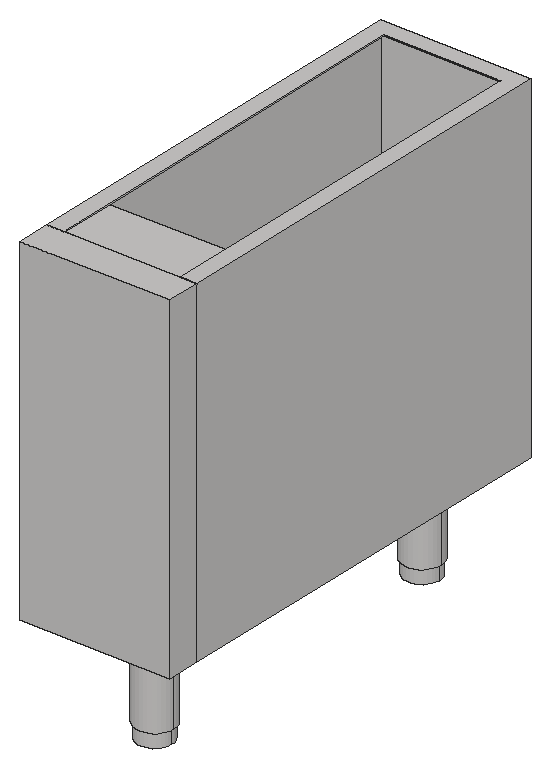
Revit family "QF_ELECTROLUXPROFESSIONAL_371210_E7BANB00C0", category Specialty Equipment, Revit 2018
Family settings
  Round Connector Dimension = Use Diameter
  Part Type = Normal
  Work Plane-Based = No
  Always vertical = Yes
  Cut with Voids When Loaded = No
  Shared = No
  Room Calculation Point = No
Parameters
  Weight in Pounds = 15  # constant formula
  Weight = 7.00 kg
  Watts = 0 W
  Volts = 0 V
  URL Manufacturer = ""
  URL Cutsheet = "www.electrolux.com"
  URL = "www.electrolux.com"
  Type Mark [instance] = ""
  Steam Supply Size = 0"
  Steam Supply Minimum Pressure = 0.00 psi
  Steam Supply Maximum Pressure = 0.00 psi
  Steam Pounds per Hour = 0
  Status [instance] = ""
  Specification by User [instance] = ""
  Specification by Manufacturer = ""
  Serial Number = ""
  Seismic Rating = ""
  SMACNA No = ""
  Revision Code [instance] = ""
  Refrigeration Suction Line Size = 0"
  Refrigeration Liquid Line Size = 0"
  Refrigerant Compressor Remote = yes
  Phase = 0
  Omniclass Number and Title = ""
  NAFEM Spec ID Number = ""
  Model = "371210"
  Masterspec = ""
  Manufacturer = "ELECTROLUX"
  Length Actual = 200.00 mm  # constant formula
  Item Number [instance] = ""
  Installed By [instance] = ""
  Identify Quantity as Lot [instance] = yes
  Hot Water Size = 0"
  Height Actual = 600.00 mm  # constant formula
  HP = ""
  Gas Size = 0"
  Gas KW = 0
  Gas Input Pressure = 0.0 Btu/h
  Furnished By [instance] = ""
  Foodservice Equipment Identifier [instance] = yes
  Direct Waste Size = 0"
  Description = "700XP Closed Base Cupboard  1_4 Module"
  Depth Actual = 550.00 mm  # constant formula
  Cycle = 0 Hz
  Condensate Return Size = 0"
  Compressed Air Volume = 0 GPM
  Compressed Air Size = 0"
  Compressed Air Pressure = 0.00 psi
  Cold Water Size = 0"
  CSI MasterFormat = ""
  CSI Master Format = ""
  Accessory = yes
Types (2, lengths in mm): name | URL Manufacturer | URL | Model | Manufacturer | Item Number | HP | Description
  (no name) | "" | "www.electrolux.com" | "371210" | "ELECTROLUX" | "" | "" | "700XP Closed Base Cupboard  1_4 Module"
  Standard | "http://professional.electrolux.com" | "http://professional.electrolux.com" | "E7BANB00C0" | "Electrolux Professional" | "371210" | "0 HP" | "CLOSED BASE 200 MM"
Reference planes
  plane 1 "BACK": y = 0
  plane 2: z = 0
  plane 3 "LEFT": x = 0
  plane 4 "RIGHT": x = 199
  plane 5 "FRONT": y = -599
  plane 6 "TOP": z = 599
  plane 7 "Center Y": x = 99.5
  plane 8 "Center X": y = -299.5
  plane 9 "Base Height": z = 149
  plane 10: y = -56
Forms (mm)
  Extrusion 1, solid, material "QF_Finishes_Stainless Steel"
    sketch origin (0, 0, 149) x (-1, 0, 0) y (0, -1, 0)
      loop
        line (0, 0) -> (0, 554) -> (-22, 554) -> (-22, 22) -> (-177, 22) -> (-177, 554) -> (-199, 554) -> (-199, 0) -> (0, 0)
    from 448.412 to 450
  Extrusion 2, solid, material "QF_Finishes_Stainless Steel"
    sketch origin (0, -599, 0) x (1, 0, 0) y (0, 0, 1)
      loop
        line (0, 597.413) -> (0, 149) -> (22, 149) -> (22, 597.413) -> (0, 597.413)
      loop
        line (199, 149) -> (199, 597.413) -> (177, 597.413) -> (177, 149) -> (199, 149)
    from -45 to -46.587
  Extrusion 3, solid, material "QF_Finishes_Stainless Steel"
    sketch origin (0, 0, 0) x (0, 1, 0) y (0, 0, 1)
      loop
        line (-554, 597.413) -> (-554, 149) -> (0, 149) -> (0, 597.413) -> (-554, 597.413)
    from 0 to 1.59
  Extrusion 4, solid, material "QF_Finishes_Stainless Steel"
    sketch origin (199, 0, 0) x (0, 1, 0) y (0, 0, 1)
      loop
        line (-554, 597.413) -> (-554, 149) -> (0, 149) -> (0, 597.413) -> (-554, 597.413)
    from 0 to -1.59
  Extrusion 5, solid, material "QF_Finishes_Stainless Steel"
    sketch origin (0, 0, 0) x (1, 0, 0) y (0, 0, 1)
      loop
        line (0, 597.413) -> (0, 149) -> (199, 149) -> (199, 597.413) -> (0, 597.413)
    from 0 to 1.59
  Extrusion 6, solid, material "QF_Finishes_Stainless Steel"
    sketch origin (0, 0, 149) x (-1, 0, 0) y (0, -1, 0)
      loop
        line (-1.59, 1.59) -> (-1.59, 552.413) -> (-197.41, 552.413) -> (-197.41, 1.59) -> (-1.59, 1.59)
      loop
        circle (-152.751, 426.185) r 12.7
    from 0 to 45
  Extrusion 7, solid, material "QF_Finishes_Stainless Steel"
    sketch origin (0, 0, 0) x (0, 1, 0) y (0, 0, 1)
      loop
        line (-552.413, 597.413) -> (-552.413, 554.237) -> (-550.823, 554.237) -> (-550.823, 595.823) -> (-477.412, 595.823) -> (-477.412, 597.413) -> (-552.413, 597.413)
    from 1.59 to 198.41
  Extrusion 8, solid, material "QF_Finishes_Stainless Steel"
    sketch origin (0, 0, 149) x (-1, 0, 0) y (0, -1, 0)
      loop
        circle (-152.751, 426.185) r 12.7
    from -1.075 to 43.642
  Extrusion 9, solid, material "QF_Finishes_Black"
    sketch origin (0, -552.413, 554.237) x (0, 0, 1) y (-1, 0, 0)
      loop
        circle (20.291, -59.72) r 1.5
      loop
        circle (20.291, -140.28) r 1.5
    from 0 to 1.59
  Revolve 10, solid, material "QF_Finishes_Stainless Steel"
    sketch origin (44.5, -499, 0) x (1, 0, 0) y (0, 0, 1)
      loop
        line (54.5, 0) -> (54.5, 149) -> (29.1, 149) -> (29.1, 19.05) -> (31.6, 19.05) -> (31.6, 0) -> (54.5, 0)
      axis (54.5, 0) -> (54.5, 149)
    angle from 0 to 360
  Revolve 11, solid, material "QF_Finishes_Stainless Steel"
    sketch origin (44.5, -55, 0) x (1, 0, 0) y (0, 0, -1)
      loop
        line (54.5, 0) -> (31.6, 0) -> (31.6, -19.05) -> (29.1, -19.05) -> (29.1, -149) -> (54.5, -149) -> (54.5, 0)
      axis (54.5, 0) -> (54.5, -149)
    angle from 0 to 360
  Extrusion 12, solid, material "QF_Finishes_Stainless Steel"
    sketch origin (0, 0, 149) x (-1, 0, 0) y (0, -1, 0)
      loop
        line (0, 554) -> (0, 599) -> (-199, 599) -> (-199, 554) -> (0, 554)
    from 0 to 450
Cuts and joins
  joined: Extrusion 1, Extrusion 2, Extrusion 3, Extrusion 4, Extrusion 5, Extrusion 6, Extrusion 7, Extrusion 8
Lines and regions (mm)
  symbolic lines, style "SpecialityEquipment"
    curve 1: line (0, 0, 149) -> (199, 0, 149)
    curve 2: line (0, -599, 149) -> (0, 0, 149)
    curve 3: line (199, -554, 149) -> (0, -554, 149)
    curve 4: line (199, 0, 149) -> (199, -599, 149)
    curve 5: line (22, -477.412, 149) -> (177, -477.412, 149)
    curve 6: line (177, -554, 149) -> (177, -22, 149)
    curve 7: line (177, -22, 149) -> (22, -22, 149)
    curve 8: line (22, -22, 149) -> (22, -554, 149)
    curve 9: arc (140.051, -426.185, 149) -> (152.751, -413.485, 149) -> (165.451, -426.185, 149) r 12.7
    curve 10: arc (165.451, -426.185, 149) -> (152.751, -438.885, 149) -> (140.051, -426.185, 149) r 12.7
    curve 11: line (199, -599, 149) -> (0, -599, 149)
Dimensions and locks
  equal spacing: plane 3 "LEFT", plane 7 "Center Y", plane 4 "RIGHT"
  plane 3 "LEFT" to plane 4 "RIGHT" = 199.00 mm
  equal spacing: plane 5 "FRONT", plane 8 "Center X", plane 1 "BACK"
  plane 5 "FRONT" to plane 1 "BACK" = 599.00 mm
  plane 6 "TOP" to level = 599.00 mm
  plane 9 "Base Height" to level = 149.00 mm
  plane 6 "TOP" to plane 9 "Base Height" to level = 450.00 mm, 149.00 mm
  plane 1 "BACK" to plane 10 = 56.00 mm
  aligned and locked: level to plane 2
  aligned and locked: Revolve 10 to plane 9 "Base Height"
Automatic sketch dimensions
  plane 1 "BACK" to Extrusion 1 sketch curve = 0.00 mm
  Extrusion 1 sketch curve to plane 4 "RIGHT" = 0.00 mm
  Extrusion 1 sketch curve to plane 5 "FRONT" = 45.00 mm  (x2)
  Extrusion 1 sketch curve to plane 3 "LEFT" = 0.00 mm
  Extrusion 1 sketch curve to Extrusion 1 sketch curve = 22.00 mm
  plane 3 "LEFT" to Extrusion 1 sketch curve = 22.00 mm
  plane 1 "BACK" to Extrusion 1 sketch curve = 22.00 mm
  Extrusion 6 sketch curve to Extrusion 6 sketch curve = 0.00 mm  (x2)
  Extrusion 6 sketch curve to plane 4 "RIGHT" = 1.59 mm
  Extrusion 6 sketch curve to plane 4 "RIGHT" = 33.549 mm
  Extrusion 6 sketch curve to Extrusion 6 sketch curve = 12.70 mm
  plane 3 "LEFT" to Extrusion 6 sketch curve = 1.59 mm
  plane 1 "BACK" to Extrusion 6 sketch curve = 1.59 mm
  Extrusion 6 sketch curve to plane 8 "Center X" = 126.685 mm
  Extrusion 6 sketch curve to plane 5 "FRONT" = 46.587 mm
  Extrusion 7 sketch curve to plane 5 "FRONT" = 46.587 mm
  Extrusion 7 sketch curve to Extrusion 7 sketch curve = 1.59 mm
  Extrusion 7 sketch curve to plane 6 "TOP" = 3.178 mm
  Extrusion 7 sketch curve to Extrusion 7 sketch curve = 73.41 mm
  Extrusion 7 sketch curve to Extrusion 7 sketch curve = 41.585 mm
  Extrusion 7 sketch curve to plane 6 "TOP" = 1.588 mm
  Extrusion 8 sketch curve to plane 4 "RIGHT" = 46.249 mm
  Extrusion 8 sketch curve to plane 8 "Center X" = 126.685 mm
  Extrusion 9 sketch curve to Extrusion 7 = 20.291 mm  (x2)
  Extrusion 7 to Extrusion 9 sketch curve = 58.13 mm  (x2)
  Extrusion 12 sketch curve to plane 4 "RIGHT" = 0.00 mm
  Extrusion 12 sketch curve to plane 3 "LEFT" = 0.00 mm
  plane 5 "FRONT" to Extrusion 12 sketch curve = 0.00 mm
  Extrusion 12 sketch curve to Extrusion 12 sketch curve = 45.00 mm
  Extrusion 2 sketch curve to plane 3 "LEFT" = 0.00 mm
  Extrusion 2 sketch curve to plane 9 "Base Height" = 0.00 mm  (x2)
  Extrusion 2 sketch curve to plane 4 "RIGHT" = 0.00 mm
  plane 3 "LEFT" to Extrusion 2 sketch curve = 22.00 mm
  Extrusion 2 sketch curve to plane 4 "RIGHT" = 22.00 mm
  Extrusion 2 sketch curve to plane 6 "TOP" = 1.587 mm  (x2)
  Extrusion 3 sketch curve to plane 9 "Base Height" = 0.00 mm
  Extrusion 3 sketch curve to plane 1 "BACK" = 0.00 mm
  Extrusion 3 sketch curve to plane 6 "TOP" = 1.587 mm
  Extrusion 3 sketch curve to plane 5 "FRONT" = 45.00 mm
  Extrusion 4 sketch curve to plane 9 "Base Height" = 0.00 mm
  Extrusion 4 sketch curve to plane 1 "BACK" = 0.00 mm
  Extrusion 4 sketch curve to plane 6 "TOP" = 1.587 mm
  Extrusion 4 sketch curve to plane 5 "FRONT" = 45.00 mm
  Extrusion 5 sketch curve to plane 3 "LEFT" = 0.00 mm
  Extrusion 5 sketch curve to plane 4 "RIGHT" = 0.00 mm
  Extrusion 5 sketch curve to plane 9 "Base Height" = 0.00 mm
  Extrusion 5 sketch curve to plane 6 "TOP" = 1.587 mm
  plane 1 "BACK" to curve 1 = 0.00 mm
  plane 5 "FRONT" to curve 11 = 0.00 mm
  curve 7 to plane 4 "RIGHT" = 22.00 mm
  curve 10 to plane 4 "RIGHT" = 33.549 mm
  curve 9 to curve 10 = 12.70 mm
  plane 3 "LEFT" to curve 7 = 22.00 mm
  curve 9 to plane 8 "Center X" = 126.685 mm
  curve 5 to plane 5 "FRONT" = 121.588 mm
  Revolve 10 sketch curve to plane 9 "Base Height" = 0.00 mm
  Revolve 10 sketch curve to level = 0.00 mm
  Revolve 10 sketch curve to plane 7 "Center Y" = 25.90 mm
  Revolve 10 sketch curve to Revolve 10 sketch curve = 2.50 mm
  Revolve 10 sketch curve to plane 7 "Center Y" = 0.50 mm  (x2)
  level to Revolve 10 sketch curve = 19.05 mm
  plane 9 "Base Height" to Revolve 10 sketch curve = 1.00 mm
  Revolve 10 sketch curve to Revolve 10 sketch curve = 20.00 mm
  Revolve 11 sketch curve to plane 9 "Base Height" = 0.00 mm
  Revolve 11 sketch curve to level = 0.00 mm
  Revolve 11 sketch curve to plane 7 "Center Y" = 25.90 mm
  Revolve 11 sketch curve to Revolve 11 sketch curve = 2.50 mm
  Revolve 11 sketch curve to plane 7 "Center Y" = 0.50 mm  (x2)
  plane 9 "Base Height" to Revolve 11 sketch curve = 1.00 mm
  Revolve 11 sketch curve to Revolve 11 sketch curve = 20.00 mm
  level to Revolve 11 sketch curve = 19.05 mm
  curve 2 to plane 3 "LEFT" = 0.00 mm
  curve 3 to plane 4 "RIGHT" = 0.00 mm
  curve 6 to plane 5 "FRONT" = 45.00 mm
  plane 1 "BACK" to curve 7 = 22.00 mm
  radius of Extrusion 8 sketch curve = 12.70 mm
  radius of Extrusion 9 sketch curve = 1.50 mm  (x2)
